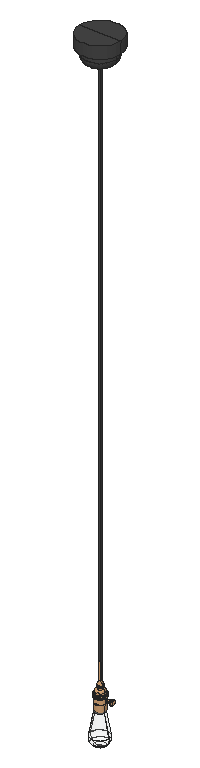
Revit family "SPO-KEY-ORB MB", category Lighting Fixtures, Revit 2020
Family settings
  Round Connector Dimension = Use Diameter
  Part Type = Normal
  OmniClass Number = 23.80.70.00
  OmniClass Title = Lighting
  Work Plane-Based = No
  Always vertical = Yes
  Cut with Voids When Loaded = No
  Light Source = Yes
  Shared = No
  Room Calculation Point = No
Parameters (values of type "SPO-KEY-ORB")
  Weight = "0.30 lbs"
  Wattage Comments = "60W Max"
  Wattage = 1.6 W
  Warranty = "5 year limited warranty"  # constant formula
  built-in parameter 1150110 = 1 (stored number, unit not read)
  Voltage = 277 V
  URL = "https://www.anplighting.com/assets/Uploads/product-attachments/specification-sheets/ANP-Specification-Sheet-SPO-KEY-ORB.pdf"
  built-in parameter 1114217 = 1 (stored number, unit not read)
  Tilt Angle = 90.00°
  built-in parameter 1150109 = 1 (stored number, unit not read)
  built-in parameter 1150134 = 12
  built-in parameter 1150113 = 1 (stored number, unit not read)
  SPO-KEY-ORB = yes
  Ring = RING
  Mounting Option [instance] = 1
  Power Factor = 1
  Post Mount [instance] = Mounting Option = 5  # no
  Placement X axis side [instance] = if(Post Mount, 2' 2 15/32", if(Cord or Stem Mount, 0' 0", if(E36 20 inch, 1' 8 1/4", if(E 6 26 inch, 2' 2", if(E7 41 inch, 3' 5 1/4", 0' 1")))))  # 0' - 0"
  Photometric Web File = "generic.ies"
  Model = "SPO-KEY-ORB"
  Manufacturer = "ANP Lighting"  # constant formula
  built-in parameter 1150105 = 2000 (stored number, unit not read)
  Lumens = 2000 lm
  built-in parameter 1150115 = 1 (stored number, unit not read)
  Load Classification = Lighting
  Light Source Height [instance] = 0' - 6 205/256"
  built-in parameter 1150137 = (empty or 0)
  built-in parameter 1150139 = (empty or 0)
  Light Elevation _2 [instance] = if(Post Mount, 0' 0.66142", if(E7 41 inch, 0' 0.66142", if(E36 20 inch, 0' 1.65748", if(E 6 26 inch, 0' 1.53543", if(Cord or Stem Mount, (0' 4.3622" + Cord Length), 0' 0")))))  # 6' - 4.3622"
  Light Elevation _1 [instance] = if(Post Mount, 0' 0", if(E7 41 inch, 0' 0", if(E36 20 inch, 0' 1", if(E 6 26 inch, 0' 0.87402", if(Cord or Stem Mount, (0' 3.66142" + Cord Length), 0' 0")))))  # 6' - 3.66142"
  Light Elevation [instance] = if(Post Mount, 14' 0.5315", if(E7 41 inch, 0' 0", 0' 0"))  # 0' - 0"
  built-in parameter 1150112 = 1 (stored number, unit not read)
  built-in parameter 1150114 = 1 (stored number, unit not read)
  Lamp = "MED-BASE"
  built-in parameter 1150132 = 2
  built-in parameter 1150102 = (empty or 0)
  built-in parameter 1150107 = 4000 (stored number, unit not read)
  built-in parameter 1150138 = (empty or 0)
  built-in parameter 1150106 = 20 (stored number, unit not read)
  GLASS = Glass
  Fixture Height = 0' - 3 1/2"
  Fixture Diameter = 0' - 1 1/2"
  built-in parameter 1150104 = 116.13 (stored number, unit not read)
  E7 41 inch [instance] = Mounting Option = 4  # no
  E36 20 inch [instance] = Mounting Option = 3  # no
  E 6 26 inch [instance] = Mounting Option = 2  # no
  Dimming Lamp Color Temperature Shift = <None>
  Description = "120-277 Voltage"  # constant formula
  Default Elevation = 0' - 0"
  Cord or Stem Mount [instance] = Mounting Option = 1  # yes
  Cord Length option [instance] = 0
  Cord Length [instance] = if([2' Cord], 2' 0", if([4' Cord], 4' 0", if([8' Cord], 8' 0", if([10' Cord], 10' 0", if([6' Cord], 6' 0", 6' 0")))))  # 6' - 0"
  Construction Material = "Heavy Duty spun aluminum."  # constant formula
  Color Filter = 16777215
  Body Material = body
  Body Colour = "Spun aluminium"  # constant formula
  built-in parameter 1114218 = 1 (stored number, unit not read)
  built-in parameter 1150133 = 10 (stored number, unit not read)
  Apparent Load = 60 VA
  8' Cord [instance] = Cord Length option = 8  # no
  6' Cord [instance] = Cord Length option = 6  # no
  4' Cord [instance] = Cord Length option = 4  # no
  2' Cord [instance] = Cord Length option = 2  # no
  10' Cord [instance] = Cord Length option = 10  # no
Reference planes (in)
  plane 1 "Light Source Axis (F/B)": y = 0
  plane 2: z = 0
  plane 3 "Light Source Axis (L/R)": x = 0
  plane 4 "Light Source Elevation": z = 0
  plane 5: z = 0
  plane 6: x = 0
  plane 7 "Bulb Position": z = -76.3622
  plane 8 "Canopy Position": z = -75.66142
  plane 9 "IES": z = -83.16299
Dimensions and locks (in)
  "Light Elevation": plane 5 to plane 2
  "Placement X axis side": plane 6 to plane 3 "Light Source Axis (L/R)"
  "Light Elevation _2": plane 5 to plane 7 "Bulb Position"
  "Light Elevation _1": plane 5 to plane 8 "Canopy Position"
  "Light Source Height": plane 7 "Bulb Position" to plane 9 "IES"
  locked: plane 4 "Light Source Elevation" to plane 2
  aligned and locked: level to plane 2
  aligned and locked: plane 1 "Light Source Axis (F/B)" to nested 5
  aligned and locked: nested 5 to plane 2
  aligned and locked: nested 1 to plane 3 "Light Source Axis (L/R)"
  aligned and locked: plane 3 "Light Source Axis (L/R)" to nested 2
  aligned and locked: plane 3 "Light Source Axis (L/R)" to nested 4
  aligned and locked: nested 3 to plane 5
  aligned and locked: plane 3 "Light Source Axis (L/R)" to nested 3
  aligned and locked: plane 3 "Light Source Axis (L/R)" to nested 5
  aligned and locked: plane 1 "Light Source Axis (F/B)" to nested 2
  aligned and locked: plane 1 "Light Source Axis (F/B)" to nested 1
  aligned and locked: plane 1 "Light Source Axis (F/B)" to nested 4
  aligned and locked: plane 1 "Light Source Axis (F/B)" to nested 3
  aligned and locked: plane 2 to nested 1
  aligned and locked: plane 2 to nested 2
  aligned and locked: nested 4 to plane 2
  aligned and locked: imposter light to plane 9 "IES"
  aligned and locked: imposter light to plane 6
  aligned and locked: nested 6 to plane 6
  aligned and locked: nested 6 to plane 8 "Canopy Position"
Nested families (in)
  nested 1: "CORD OR STEM MOUNT" at (0, 0, -75.67), visible <- "Cord or Stem Mount", Cord or Stem Mount <- "Cord or Stem Mount", Body Material <- "Body Material", Light Elevation <- "Light Elevation", Cord Length <- "Cord Length", 10' Cord <- "10' Cord", 2' Cord <- "2' Cord", 4' Cord <- "4' Cord", 6' Cord <- "6' Cord", 8' Cord <- "8' Cord", type "CORD OR STEM MOUNT"
    with Light Elevation 0' - 0", Cord or Stem Mount yes, Cord Length 6' - 0", Body Material body, 8' Cord no, 6' Cord no, 4' Cord no, 2' Cord no, 10' Cord no
  nested 2: "E6 26 INCH" at (0, 0, 0), visible <- "E 6 26 inch", Chain Length <- "Cord Length", E 6 26 inch <- "E 6 26 inch", Placement X axis side <- "Placement X axis side", Body Material <- "Body Material", Light Elevation <- "Light Elevation", type "E6 26 INCH"
    with Placement X axis side 0' - 0", Light Elevation 0' - 0", E 6 26 inch no, Chain Length 6' - 0", Body Material body
  nested 3: "E7 41 INCH" at (0, 0, 0), Chain Length <- "Cord Length", visible <- "E7 41 inch", E7 41 inch <- "E7 41 inch", Placement X axis side <- "Placement X axis side", Body Material <- "Body Material", Light Elevation <- "Light Elevation", type "E7 41 INCH"
    with Placement X axis side 0' - 0", Light Elevation 0' - 0", E7 41 inch no, Chain Length 6' - 0", Body Material body
  nested 4: "E36 20 INCH" at (0, 0, 0), visible <- "E36 20 inch", E36 20 inch <- "E36 20 inch", Placement X axis side <- "Placement X axis side", Chain Length <- "Cord Length", Body Material <- "Body Material", Light Elevation <- "Light Elevation", type "E36 20 INCH"
    with Placement X axis side 0' - 0", Light Elevation 0' - 0", E36 20 inch no, Chain Length 6' - 0", Body Material body
  nested 5: "POST MOUNT" at (0, 0, 0), visible <- "Post Mount", Post Mount <- "Post Mount", Placement X axis side <- "Placement X axis side", Chain Length <- "Cord Length", Body Material <- "Body Material", Light Elevation <- "Light Elevation", type "POST MOUNT"
    with Post Mount no, Placement X axis side 0' - 0", Light Elevation 0' - 0", Chain Length 6' - 0", Body Material body
  nested 6: "SPO-KEY-AB" at (0, 0, -75.66142), Light Elevation <- "Light Elevation", Body <- "Ring", SPO-KEY-AB <- "SPO-KEY-ORB", visible <- "SPO-KEY-ORB", type "SPO-KEY-AB"
    with Light Elevation 0' - 0", Body RING
Definition of nested family "CORD OR STEM MOUNT"
  Parameters (values of type "CORD OR STEM MOUNT")
    URL = ""
    Model = ""
    Manufacturer = ""
    Light Elevation [instance] = 1' - 7.69"
    Default Elevation = 0' - 0"
    Cord or Stem Mount [instance] = yes
    Cord Length [instance] = 6' - 0"
    Body Material [instance] = none
    8' Cord [instance] = no
    6' Cord [instance] = no
    4' Cord [instance] = no
    2' Cord [instance] = no
    10' Cord [instance] = no
  Reference planes (in)
    plane 1 "Light Source Axis (F/B)": y = 0
    plane 2: z = 0
    plane 3 "Light Source Axis (L/R)": x = 0
    plane 4 "Light Source Elevation": z = 23.125
    plane 5: z = 91.69
    plane 6: z = 19.69
  Forms (in)
    Extrusion 1, void, not visible
      sketch origin (0, 0, 2.38154) x (1, 0, 0) y (0, 0, 1)
        loop
          circle (0, 4.59925) r 0.16583
      from 1.18594 to 1.75
    Extrusion 2, void, not visible
      sketch origin (0, 0, 2.38154) x (0.707107, -0.707107, 0) y (0, 0, 1)
        loop
          circle (0, 4.59925) r 0.16583
      from 1.18594 to 1.75
    Extrusion 3, void, not visible
      sketch origin (0, 0, 2.38154) x (0.707107, 0.707107, 0) y (0, 0, 1)
        loop
          circle (0, 4.59925) r 0.16583
      from 1.18594 to 1.75
    Extrusion 4, void, not visible
      sketch origin (0, 0, 2.38154) x (0, 1, 0) y (0, 0, 1)
        loop
          circle (0, 4.59925) r 0.16583
      from 1.18594 to 1.75
    Extrusion 5, void, not visible
      sketch origin (0, 0, 2.38154) x (-0.707107, 0.707107, 0) y (0, 0, 1)
        loop
          circle (0, 4.59925) r 0.16583
      from 1.18594 to 1.75
    Extrusion 6, void, not visible
      sketch origin (0, 0, 2.38154) x (-1, 0, 0) y (0, 0, 1)
        loop
          circle (0, 4.59925) r 0.20678
      from 1.18594 to 1.75
    Extrusion 7, void, not visible
      sketch origin (0, 0, 2.38154) x (-0.707107, -0.707107, 0) y (0, 0, 1)
        loop
          circle (0, 4.59925) r 0.16583
      from 1.18594 to 1.75
    Extrusion 8, void, not visible
      sketch origin (0, 0, 2.38154) x (0, -1, 0) y (0, 0, 1)
        loop
          circle (0, 4.59925) r 0.16583
      from 1.18594 to 1.75
    Revolve 9, solid, material <- "Body Material", visible <- "Cord or Stem Mount"
      sketch origin (0, 0, 174.56698) x (1, 0, 0) y (0, 0, 1)
        loop
          line (2.6875, -79.20698) -> (0, -79.20698) -> (0, -82.87698) -> (0.125, -82.87698) -> (0.125, -82.83698) -> (0.75, -82.83698)
          arc (0.75, -82.83698) -> (0.81694, -82.77004) -> (0.75, -82.7031) r 0.06694
          line (0.75, -82.7031) -> (0.89763, -82.7031) -> (1.00223, -82.5985) -> (1.06587, -82.5985)
          arc (1.06587, -82.5985) -> (1.80099, -82.29401) -> (2.10549, -81.55888) r 1.03962
          line (2.10549, -81.55888) -> (2.10549, -81.03899)
          arc (2.10549, -81.03899) -> (2.12951, -80.981) -> (2.1875, -80.95698) r 0.08201
          line (2.1875, -80.95698) -> (2.1875, -80.70698) -> (2.6875, -80.70698) -> (2.6875, -79.20698)
        axis (0, -79.20698) -> (0, -82.87698)
      angle from 0 to 360
    Revolve 10, solid, material <- "Body Material", visible <- "Cord or Stem Mount"
      sketch origin (0, 0, 0) x (1, 0, 0) y (0, 0, 1)
        loop
          line (0, 91.69) -> (-0.125, 91.69) -> (-0.125, 19.69) -> (0, 19.69) -> (0, 91.69)
        axis (0, 19.69) -> (0, 91.69)
      angle from 0 to 360
  Dimensions and locks (in)
    "Light Elevation": plane 6 to plane 2
    "Cord Length": plane 5 to plane 6
    locked: Revolve 10 sketch curve to Revolve 10 sketch curve at 0.125
    aligned and locked: level to plane 2
    aligned and locked: Revolve 10 sketch curve to plane 3 "Light Source Axis (L/R)"
    aligned and locked: Revolve 10 sketch curve to plane 6
    aligned and locked: Revolve 10 sketch curve to plane 5
    aligned and locked: plane 3 "Light Source Axis (L/R)" to Revolve 10 sketch curve
  Automatic sketch dimensions
    Revolve 9 sketch curve to plane 3 "Light Source Axis (L/R)" = 0' - 0"  (x2)
    Revolve 9 sketch curve to plane 5 = 0' - 0"
    plane 3 "Light Source Axis (L/R)" to Revolve 9 sketch curve = 0' - 0 1/8"
    Revolve 9 sketch curve to plane 5 = 0' - 0.17388"
    Revolve 9 sketch curve to Revolve 9 sketch curve = 0' - 0 5/8"
    Revolve 9 sketch curve to Revolve 9 sketch curve = 0' - 0.14763"
    Revolve 9 sketch curve to plane 5 = 0' - 0.27847"
    Revolve 9 sketch curve to Revolve 9 sketch curve = 0' - 0.1046"
    Revolve 9 sketch curve to Revolve 9 sketch curve = 0' - 0.06364"
    Revolve 9 sketch curve to Revolve 9 sketch curve = 0' - 1.03962"
    Revolve 9 sketch curve to Revolve 9 sketch curve = 0' - 0 21/256"
    Revolve 9 sketch curve to Revolve 9 sketch curve = 0' - 0 1/2"  (x2)
    Revolve 9 sketch curve to Revolve 9 sketch curve = 0' - 0.51989"
    Revolve 9 sketch curve to Revolve 9 sketch curve = 0' - 0 1/4"
    Revolve 9 sketch curve to Revolve 9 sketch curve = 0' - 2.3519"
    Revolve 9 sketch curve to Revolve 9 sketch curve = 0' - 1 1/4"
    Revolve 9 sketch curve to Revolve 9 sketch curve = 0' - 0.04"
    Revolve 10 sketch curve to Revolve 10 sketch curve = 0' - 0 1/2"
    Revolve 10 sketch curve to Revolve 10 sketch curve = 0' - 0.42345"
Definition of nested family "SPO-KEY-AB"
  Parameters (values of type "SPO-KEY-AB")
    SPO-KEY-AB [instance] = yes
    Light Elevation [instance] = 0' - 0"
    GLASS = none
    Default Elevation = 0' - 0"
    Body [instance] = none
  Reference planes (in)
    plane 1 "Center (Front/Back)": y = 0
    plane 2: z = 0
    plane 3 "Center (Left/Right)": x = 0
    plane 4: z = 0
  Dimensions and locks (in)
    "Light Elevation": plane 4 to plane 2
    locked: plane 4 to nested 2 at 3.5
    aligned and locked: plane 2 to level
    aligned and locked: plane 3 "Center (Left/Right)" to nested 1
    aligned and locked: plane 1 "Center (Front/Back)" to nested 1
    aligned and locked: plane 4 to nested 1
  Nested families (in)
    nested 1: "SPO-KEY-AB HOLDER" at (0, 0, -3.5), visible <- "SPO-KEY-AB", Body <- "Body", SPO-KEY-AB <- "SPO-KEY-AB", type "SPO-KEY-AB HOLDER"
    nested 2: "light" at (0, 0, -3.5), visible <- "SPO-KEY-AB", SPB <- "SPO-KEY-AB", Body <- "GLASS", type "light"
      with SPB yes, Body none
  Definition of nested family "SPO-KEY-AB HOLDER"
    Parameters (values of type "SPO-KEY-AB HOLDER")
      SPO-KEY-AB [instance] = yes
      Default Elevation = 0' - 0"
      Body [instance] = none
    Reference planes (in)
      plane 1 "Center (Front/Back)": y = 0
      plane 2: z = 0
      plane 3 "Center (Left/Right)": x = 0
      plane 4: z = 3.5
      plane 5: x = 0.75
      plane 6: x = -0.75
    Forms (in)
      Extrusion 1, solid, material <- "Body", visible <- "SPO-KEY-AB"
        sketch origin (0, 0, 0) x (1, 0, 0) y (0, 1, 0)
          loop
            circle (0, 0) r 0.1524
        from 3.5 to 5.76727
      Revolve 2, solid, material <- "Body", visible <- "SPO-KEY-AB"
        sketch origin (0, 0, 0) x (1, 0, 0) y (0, 0, 1)
          loop
            line (-0.18061, 3.5) -> (-0.32164, 2.93434) -> (-0.32164, 2.74115) -> (-0.25926, 2.74115) -> (-0.25926, 2.49115) -> (-0.31433, 2.42552)
            arc (-0.31433, 2.42552) -> (-0.49114, 2.37605) -> (-0.56812, 2.20938) r 0.21893
            line (-0.56812, 2.20938) -> (-0.56812, 2.00272) -> (-0.75, 2.00272) -> (-0.75, 1.61565) -> (-0.68925, 1.61565) -> (-0.68925, 0.93656) -> (-0.62575, 0.87307) -> (-0.62575, 0) -> (0, 0) -> (0, 3.5) -> (-0.18061, 3.5)
          axis (0, 0) -> (0, 3.5)
        angle from 0 to 360
      Revolve 3, solid, material <- "Body", visible <- "SPO-KEY-AB"
        sketch origin (0, 0, 0) x (1, 0, 0) y (0, 0, 1)
          loop
            line (0.68856, 1.41798) -> (0.68856, 1.37371) -> (1.6389, 1.37371) -> (1.6389, 1.68796) -> (1.50148, 1.68796)
            arc (1.50148, 1.68796) -> (1.35915, 1.49979) -> (1.13142, 1.43813) r 0.36469
            line (1.13142, 1.43813) -> (1.13142, 1.47522)
            arc (1.13142, 1.47522) -> (1.09261, 1.49665) -> (1.06433, 1.4625) r 0.03475
            arc (1.06433, 1.4625) -> (0.99951, 1.47299) -> (0.94815, 1.5139) r 0.12959
            line (0.94815, 1.5139) -> (0.81784, 1.5139) -> (0.81784, 1.41798) -> (0.68856, 1.41798)
          axis (0.68856, 1.37371) -> (1.6389, 1.37371)
        angle from 0 to 360
      Extrusion 4, solid, material <- "Body", visible <- "SPO-KEY-AB"
        sketch origin (0.01979, 0.02398, 0) x (1, 0, 0) y (0, 1, 0)
          loop
            line (0.44965, 0.52237) -> (0.48225, 0.49432) -> (0.51145, 0.52351) -> (0.47877, 0.55619) -> (0.44965, 0.52237)
        from 1.87225 to 1.98153
      Extrusion 5, solid, material <- "Body", visible <- "SPO-KEY-AB"
        sketch origin (0.02205, 0.02193, 0) x (0.995192, -0.097945, 0) y (0.097945, 0.995192, 0)
          loop
            line (0.44965, 0.52237) -> (0.48225, 0.49432) -> (0.51145, 0.52351) -> (0.47877, 0.55619) -> (0.44965, 0.52237)
        from 1.87225 to 1.98153
      Extrusion 6, solid, material <- "Body", visible <- "SPO-KEY-AB"
        sketch origin (0.02409, 0.01967, 0) x (0.980813, -0.194949, 0) y (0.194949, 0.980813, 0)
          loop
            line (0.44965, 0.52237) -> (0.48225, 0.49432) -> (0.51145, 0.52351) -> (0.47877, 0.55619) -> (0.44965, 0.52237)
        from 1.87225 to 1.98153
      Extrusion 7, solid, material <- "Body", visible <- "SPO-KEY-AB"
        sketch origin (0.0259, 0.01721, 0) x (0.957003, -0.290078, 0) y (0.290078, 0.957003, 0)
          loop
            line (0.44965, 0.52237) -> (0.48225, 0.49432) -> (0.51145, 0.52351) -> (0.47877, 0.55619) -> (0.44965, 0.52237)
        from 1.87225 to 1.98153
      Extrusion 8, solid, material <- "Body", visible <- "SPO-KEY-AB"
        sketch origin (0.02746, 0.01459, 0) x (0.92399, -0.382417, 0) y (0.382417, 0.92399, 0)
          loop
            line (0.44965, 0.52237) -> (0.48225, 0.49432) -> (0.51145, 0.52351) -> (0.47877, 0.55619) -> (0.44965, 0.52237)
        from 1.87225 to 1.98153
      Extrusion 9, solid, material <- "Body", visible <- "SPO-KEY-AB"
        sketch origin (0.02876, 0.01183, 0) x (0.882091, -0.471078, 0) y (0.471078, 0.882091, 0)
          loop
            line (0.44965, 0.52237) -> (0.48225, 0.49432) -> (0.51145, 0.52351) -> (0.47877, 0.55619) -> (0.44965, 0.52237)
        from 1.87225 to 1.98153
      Extrusion 10, solid, material <- "Body", visible <- "SPO-KEY-AB"
        sketch origin (0.02978, 0.00896, 0) x (0.83171, -0.55521, 0) y (0.55521, 0.83171, 0)
          loop
            line (0.44965, 0.52237) -> (0.48225, 0.49432) -> (0.51145, 0.52351) -> (0.47877, 0.55619) -> (0.44965, 0.52237)
        from 1.87225 to 1.98153
      Extrusion 11, solid, material <- "Body", visible <- "SPO-KEY-AB"
        sketch origin (0.03051, 0.006, 0) x (0.773331, -0.634003, 0) y (0.634003, 0.773331, 0)
          loop
            line (0.44965, 0.52237) -> (0.48225, 0.49432) -> (0.51145, 0.52351) -> (0.47877, 0.55619) -> (0.44965, 0.52237)
        from 1.87225 to 1.98153
      Extrusion 12, solid, material <- "Body", visible <- "SPO-KEY-AB"
        sketch origin (0.03095, 0.00298, 0) x (0.707515, -0.706698, 0) y (0.706698, 0.707515, 0)
          loop
            line (0.44965, 0.52237) -> (0.48225, 0.49432) -> (0.51145, 0.52351) -> (0.47877, 0.55619) -> (0.44965, 0.52237)
        from 1.87225 to 1.98153
      Extrusion 13, solid, material <- "Body", visible <- "SPO-KEY-AB"
        sketch origin (0.0311, -0.00007, 0) x (0.634895, -0.772598, 0) y (0.772598, 0.634895, 0)
          loop
            line (0.44965, 0.52237) -> (0.48225, 0.49432) -> (0.51145, 0.52351) -> (0.47877, 0.55619) -> (0.44965, 0.52237)
        from 1.87225 to 1.98153
      Extrusion 14, solid, material <- "Body", visible <- "SPO-KEY-AB"
        sketch origin (0.03094, -0.00311, 0) x (0.55617, -0.831068, 0) y (0.831068, 0.55617, 0)
          loop
            line (0.44965, 0.52237) -> (0.48225, 0.49432) -> (0.51145, 0.52351) -> (0.47877, 0.55619) -> (0.44965, 0.52237)
        from 1.87225 to 1.98153
      Extrusion 15, solid, material <- "Body", visible <- "SPO-KEY-AB"
        sketch origin (0.03049, -0.00613, 0) x (0.472097, -0.881547, 0) y (0.881547, 0.472097, 0)
          loop
            line (0.44965, 0.52237) -> (0.48225, 0.49432) -> (0.51145, 0.52351) -> (0.47877, 0.55619) -> (0.44965, 0.52237)
        from 1.87225 to 1.98153
      Extrusion 16, solid, material <- "Body", visible <- "SPO-KEY-AB"
        sketch origin (0.02974, -0.00908, 0) x (0.383483, -0.923548, 0) y (0.923548, 0.383483, 0)
          loop
            line (0.44965, 0.52237) -> (0.48225, 0.49432) -> (0.51145, 0.52351) -> (0.47877, 0.55619) -> (0.44965, 0.52237)
        from 1.87225 to 1.98153
      Extrusion 17, solid, material <- "Body", visible <- "SPO-KEY-AB"
        sketch origin (0.02871, -0.01195, 0) x (0.291182, -0.956668, 0) y (0.956668, 0.291182, 0)
          loop
            line (0.44965, 0.52237) -> (0.48225, 0.49432) -> (0.51145, 0.52351) -> (0.47877, 0.55619) -> (0.44965, 0.52237)
        from 1.87225 to 1.98153
      Extrusion 18, solid, material <- "Body", visible <- "SPO-KEY-AB"
        sketch origin (0.0274, -0.01471, 0) x (0.196081, -0.980588, 0) y (0.980588, 0.196081, 0)
          loop
            line (0.44965, 0.52237) -> (0.48225, 0.49432) -> (0.51145, 0.52351) -> (0.47877, 0.55619) -> (0.44965, 0.52237)
        from 1.87225 to 1.98153
      Extrusion 19, solid, material <- "Body", visible <- "SPO-KEY-AB"
        sketch origin (0.02583, -0.01732, 0) x (0.099094, -0.995078, 0) y (0.995078, 0.099094, 0)
          loop
            line (0.44965, 0.52237) -> (0.48225, 0.49432) -> (0.51145, 0.52351) -> (0.47877, 0.55619) -> (0.44965, 0.52237)
        from 1.87225 to 1.98153
      Extrusion 20, solid, material <- "Body", visible <- "SPO-KEY-AB"
        sketch origin (0.02401, -0.01977, 0) x (0.001155, -0.999999, 0) y (0.999999, 0.001155, 0)
          loop
            line (0.44965, 0.52237) -> (0.48225, 0.49432) -> (0.51145, 0.52351) -> (0.47877, 0.55619) -> (0.44965, 0.52237)
        from 1.87225 to 1.98153
      Extrusion 21, solid, material <- "Body", visible <- "SPO-KEY-AB"
        sketch origin (0.02196, -0.02202, 0) x (-0.096796, -0.995304, 0) y (0.995304, -0.096796, 0)
          loop
            line (0.44965, 0.52237) -> (0.48225, 0.49432) -> (0.51145, 0.52351) -> (0.47877, 0.55619) -> (0.44965, 0.52237)
        from 1.87225 to 1.98153
      Extrusion 22, solid, material <- "Body", visible <- "SPO-KEY-AB"
        sketch origin (0.01969, -0.02407, 0) x (-0.193816, -0.981038, 0) y (0.981038, -0.193816, 0)
          loop
            line (0.44965, 0.52237) -> (0.48225, 0.49432) -> (0.51145, 0.52351) -> (0.47877, 0.55619) -> (0.44965, 0.52237)
        from 1.87225 to 1.98153
      Extrusion 23, solid, material <- "Body", visible <- "SPO-KEY-AB"
        sketch origin (0.01724, -0.02588, 0) x (-0.288972, -0.957337, 0) y (0.957337, -0.288972, 0)
          loop
            line (0.44965, 0.52237) -> (0.48225, 0.49432) -> (0.51145, 0.52351) -> (0.47877, 0.55619) -> (0.44965, 0.52237)
        from 1.87225 to 1.98153
      Extrusion 24, solid, material <- "Body", visible <- "SPO-KEY-AB"
        sketch origin (0.01462, -0.02744, 0) x (-0.38135, -0.924431, 0) y (0.924431, -0.38135, 0)
          loop
            line (0.44965, 0.52237) -> (0.48225, 0.49432) -> (0.51145, 0.52351) -> (0.47877, 0.55619) -> (0.44965, 0.52237)
        from 1.87225 to 1.98153
      Extrusion 25, solid, material <- "Body", visible <- "SPO-KEY-AB"
        sketch origin (0.01186, -0.02874, 0) x (-0.47006, -0.882635, 0) y (0.882635, -0.47006, 0)
          loop
            line (0.44965, 0.52237) -> (0.48225, 0.49432) -> (0.51145, 0.52351) -> (0.47877, 0.55619) -> (0.44965, 0.52237)
        from 1.87225 to 1.98153
      Extrusion 26, solid, material <- "Body", visible <- "SPO-KEY-AB"
        sketch origin (0.00899, -0.02977, 0) x (-0.554249, -0.832351, 0) y (0.832351, -0.554249, 0)
          loop
            line (0.44965, 0.52237) -> (0.48225, 0.49432) -> (0.51145, 0.52351) -> (0.47877, 0.55619) -> (0.44965, 0.52237)
        from 1.87225 to 1.98153
      Extrusion 27, solid, material <- "Body", visible <- "SPO-KEY-AB"
        sketch origin (0.00603, -0.03051, 0) x (-0.633109, -0.774062, 0) y (0.774062, -0.633109, 0)
          loop
            line (0.44965, 0.52237) -> (0.48225, 0.49432) -> (0.51145, 0.52351) -> (0.47877, 0.55619) -> (0.44965, 0.52237)
        from 1.87225 to 1.98153
      Extrusion 28, solid, material <- "Body", visible <- "SPO-KEY-AB"
        sketch origin (0.00302, -0.03095, 0) x (-0.705881, -0.70833, 0) y (0.70833, -0.705881, 0)
          loop
            line (0.44965, 0.52237) -> (0.48225, 0.49432) -> (0.51145, 0.52351) -> (0.47877, 0.55619) -> (0.44965, 0.52237)
        from 1.87225 to 1.98153
      Extrusion 29, solid, material <- "Body", visible <- "SPO-KEY-AB"
        sketch origin (-0.00003, -0.0311, 0) x (-0.771865, -0.635787, 0) y (0.635787, -0.771865, 0)
          loop
            line (0.44965, 0.52237) -> (0.48225, 0.49432) -> (0.51145, 0.52351) -> (0.47877, 0.55619) -> (0.44965, 0.52237)
        from 1.87225 to 1.98153
      Extrusion 30, solid, material <- "Body", visible <- "SPO-KEY-AB"
        sketch origin (-0.00308, -0.03094, 0) x (-0.830426, -0.557129, 0) y (0.557129, -0.830426, 0)
          loop
            line (0.44965, 0.52237) -> (0.48225, 0.49432) -> (0.51145, 0.52351) -> (0.47877, 0.55619) -> (0.44965, 0.52237)
        from 1.87225 to 1.98153
      Extrusion 31, solid, material <- "Body", visible <- "SPO-KEY-AB"
        sketch origin (-0.00609, -0.03049, 0) x (-0.881001, -0.473114, 0) y (0.473114, -0.881001, 0)
          loop
            line (0.44965, 0.52237) -> (0.48225, 0.49432) -> (0.51145, 0.52351) -> (0.47877, 0.55619) -> (0.44965, 0.52237)
        from 1.87225 to 1.98153
      Extrusion 32, solid, material <- "Body", visible <- "SPO-KEY-AB"
        sketch origin (-0.00905, -0.02975, 0) x (-0.923104, -0.384549, 0) y (0.384549, -0.923104, 0)
          loop
            line (0.44965, 0.52237) -> (0.48225, 0.49432) -> (0.51145, 0.52351) -> (0.47877, 0.55619) -> (0.44965, 0.52237)
        from 1.87225 to 1.98153
      Extrusion 33, solid, material <- "Body", visible <- "SPO-KEY-AB"
        sketch origin (-0.01192, -0.02872, 0) x (-0.956331, -0.292287, 0) y (0.292287, -0.956331, 0)
          loop
            line (0.44965, 0.52237) -> (0.48225, 0.49432) -> (0.51145, 0.52351) -> (0.47877, 0.55619) -> (0.44965, 0.52237)
        from 1.87225 to 1.98153
      Extrusion 34, solid, material <- "Body", visible <- "SPO-KEY-AB"
        sketch origin (-0.01468, -0.02742, 0) x (-0.980361, -0.197213, 0) y (0.197213, -0.980361, 0)
          loop
            line (0.44965, 0.52237) -> (0.48225, 0.49432) -> (0.51145, 0.52351) -> (0.47877, 0.55619) -> (0.44965, 0.52237)
        from 1.87225 to 1.98153
      Extrusion 35, solid, material <- "Body", visible <- "SPO-KEY-AB"
        sketch origin (-0.01729, -0.02585, 0) x (-0.994963, -0.100243, 0) y (0.100243, -0.994963, 0)
          loop
            line (0.44965, 0.52237) -> (0.48225, 0.49432) -> (0.51145, 0.52351) -> (0.47877, 0.55619) -> (0.44965, 0.52237)
        from 1.87225 to 1.98153
      Extrusion 36, solid, material <- "Body", visible <- "SPO-KEY-AB"
        sketch origin (-0.01974, -0.02403, 0) x (-0.999997, -0.002309, 0) y (0.002309, -0.999997, 0)
          loop
            line (0.44965, 0.52237) -> (0.48225, 0.49432) -> (0.51145, 0.52351) -> (0.47877, 0.55619) -> (0.44965, 0.52237)
        from 1.87225 to 1.98153
      Extrusion 37, solid, material <- "Body", visible <- "SPO-KEY-AB"
        sketch origin (-0.022, -0.02198, 0) x (-0.995415, 0.095647, 0) y (-0.095647, -0.995415, 0)
          loop
            line (0.44965, 0.52237) -> (0.48225, 0.49432) -> (0.51145, 0.52351) -> (0.47877, 0.55619) -> (0.44965, 0.52237)
        from 1.87225 to 1.98153
      Extrusion 38, solid, material <- "Body", visible <- "SPO-KEY-AB"
        sketch origin (-0.02404, -0.01972, 0) x (-0.981261, 0.192683, 0) y (-0.192683, -0.981261, 0)
          loop
            line (0.44965, 0.52237) -> (0.48225, 0.49432) -> (0.51145, 0.52351) -> (0.47877, 0.55619) -> (0.44965, 0.52237)
        from 1.87225 to 1.98153
      Extrusion 39, solid, material <- "Body", visible <- "SPO-KEY-AB"
        sketch origin (-0.02586, -0.01727, 0) x (-0.95767, 0.287867, 0) y (-0.287867, -0.95767, 0)
          loop
            line (0.44965, 0.52237) -> (0.48225, 0.49432) -> (0.51145, 0.52351) -> (0.47877, 0.55619) -> (0.44965, 0.52237)
        from 1.87225 to 1.98153
      Extrusion 40, solid, material <- "Body", visible <- "SPO-KEY-AB"
        sketch origin (-0.02743, -0.01465, 0) x (-0.924871, 0.380282, 0) y (-0.380282, -0.924871, 0)
          loop
            line (0.44965, 0.52237) -> (0.48225, 0.49432) -> (0.51145, 0.52351) -> (0.47877, 0.55619) -> (0.44965, 0.52237)
        from 1.87225 to 1.98153
      Extrusion 41, solid, material <- "Body", visible <- "SPO-KEY-AB"
        sketch origin (-0.02873, -0.0119, 0) x (-0.883177, 0.46904, 0) y (-0.46904, -0.883177, 0)
          loop
            line (0.44965, 0.52237) -> (0.48225, 0.49432) -> (0.51145, 0.52351) -> (0.47877, 0.55619) -> (0.44965, 0.52237)
        from 1.87225 to 1.98153
      Extrusion 42, solid, material <- "Body", visible <- "SPO-KEY-AB"
        sketch origin (-0.02976, -0.00903, 0) x (-0.83299, 0.553288, 0) y (-0.553288, -0.83299, 0)
          loop
            line (0.44965, 0.52237) -> (0.48225, 0.49432) -> (0.51145, 0.52351) -> (0.47877, 0.55619) -> (0.44965, 0.52237)
        from 1.87225 to 1.98153
      Extrusion 43, solid, material <- "Body", visible <- "SPO-KEY-AB"
        sketch origin (-0.0305, -0.00607, 0) x (-0.774793, 0.632215, 0) y (-0.632215, -0.774793, 0)
          loop
            line (0.44965, 0.52237) -> (0.48225, 0.49432) -> (0.51145, 0.52351) -> (0.47877, 0.55619) -> (0.44965, 0.52237)
        from 1.87225 to 1.98153
      Extrusion 44, solid, material <- "Body", visible <- "SPO-KEY-AB"
        sketch origin (-0.03095, -0.00305, 0) x (-0.709145, 0.705063, 0) y (-0.705063, -0.709145, 0)
          loop
            line (0.44965, 0.52237) -> (0.48225, 0.49432) -> (0.51145, 0.52351) -> (0.47877, 0.55619) -> (0.44965, 0.52237)
        from 1.87225 to 1.98153
      Extrusion 45, solid, material <- "Body", visible <- "SPO-KEY-AB"
        sketch origin (-0.0311, -0.00001, 0) x (-0.636678, 0.77113, 0) y (-0.77113, -0.636678, 0)
          loop
            line (0.44965, 0.52237) -> (0.48225, 0.49432) -> (0.51145, 0.52351) -> (0.47877, 0.55619) -> (0.44965, 0.52237)
        from 1.87225 to 1.98153
      Extrusion 46, solid, material <- "Body", visible <- "SPO-KEY-AB"
        sketch origin (-0.03095, 0.00304, 0) x (-0.558088, 0.829782, 0) y (-0.829782, -0.558088, 0)
          loop
            line (0.44965, 0.52237) -> (0.48225, 0.49432) -> (0.51145, 0.52351) -> (0.47877, 0.55619) -> (0.44965, 0.52237)
        from 1.87225 to 1.98153
      Extrusion 47, solid, material <- "Body", visible <- "SPO-KEY-AB"
        sketch origin (-0.0305, 0.00606, 0) x (-0.474131, 0.880454, 0) y (-0.880454, -0.474131, 0)
          loop
            line (0.44965, 0.52237) -> (0.48225, 0.49432) -> (0.51145, 0.52351) -> (0.47877, 0.55619) -> (0.44965, 0.52237)
        from 1.87225 to 1.98153
      Extrusion 48, solid, material <- "Body", visible <- "SPO-KEY-AB"
        sketch origin (-0.02976, 0.00901, 0) x (-0.385615, 0.92266, 0) y (-0.92266, -0.385615, 0)
          loop
            line (0.44965, 0.52237) -> (0.48225, 0.49432) -> (0.51145, 0.52351) -> (0.47877, 0.55619) -> (0.44965, 0.52237)
        from 1.87225 to 1.98153
      Extrusion 49, solid, material <- "Body", visible <- "SPO-KEY-AB"
        sketch origin (-0.02874, 0.01189, 0) x (-0.293391, 0.955993, 0) y (-0.955993, -0.293391, 0)
          loop
            line (0.44965, 0.52237) -> (0.48225, 0.49432) -> (0.51145, 0.52351) -> (0.47877, 0.55619) -> (0.44965, 0.52237)
        from 1.87225 to 1.98153
      Extrusion 50, solid, material <- "Body", visible <- "SPO-KEY-AB"
        sketch origin (-0.02743, 0.01464, 0) x (-0.198345, 0.980132, 0) y (-0.980132, -0.198345, 0)
          loop
            line (0.44965, 0.52237) -> (0.48225, 0.49432) -> (0.51145, 0.52351) -> (0.47877, 0.55619) -> (0.44965, 0.52237)
        from 1.87225 to 1.98153
      Extrusion 51, solid, material <- "Body", visible <- "SPO-KEY-AB"
        sketch origin (-0.02587, 0.01726, 0) x (-0.101392, 0.994847, 0) y (-0.994847, -0.101392, 0)
          loop
            line (0.44965, 0.52237) -> (0.48225, 0.49432) -> (0.51145, 0.52351) -> (0.47877, 0.55619) -> (0.44965, 0.52237)
        from 1.87225 to 1.98153
      Extrusion 52, solid, material <- "Body", visible <- "SPO-KEY-AB"
        sketch origin (-0.02405, 0.01971, 0) x (-0.003464, 0.999994, 0) y (-0.999994, -0.003464, 0)
          loop
            line (0.44965, 0.52237) -> (0.48225, 0.49432) -> (0.51145, 0.52351) -> (0.47877, 0.55619) -> (0.44965, 0.52237)
        from 1.87225 to 1.98153
      Extrusion 53, solid, material <- "Body", visible <- "SPO-KEY-AB"
        sketch origin (-0.02201, 0.02197, 0) x (0.094498, 0.995525, 0) y (-0.995525, 0.094498, 0)
          loop
            line (0.44965, 0.52237) -> (0.48225, 0.49432) -> (0.51145, 0.52351) -> (0.47877, 0.55619) -> (0.44965, 0.52237)
        from 1.87225 to 1.98153
      Extrusion 54, solid, material <- "Body", visible <- "SPO-KEY-AB"
        sketch origin (-0.01975, 0.02402, 0) x (0.19155, 0.981483, 0) y (-0.981483, 0.19155, 0)
          loop
            line (0.44965, 0.52237) -> (0.48225, 0.49432) -> (0.51145, 0.52351) -> (0.47877, 0.55619) -> (0.44965, 0.52237)
        from 1.87225 to 1.98153
      Extrusion 55, solid, material <- "Body", visible <- "SPO-KEY-AB"
        sketch origin (-0.0173, 0.02584, 0) x (0.286761, 0.958002, 0) y (-0.958002, 0.286761, 0)
          loop
            line (0.44965, 0.52237) -> (0.48225, 0.49432) -> (0.51145, 0.52351) -> (0.47877, 0.55619) -> (0.44965, 0.52237)
        from 1.87225 to 1.98153
      Extrusion 56, solid, material <- "Body", visible <- "SPO-KEY-AB"
        sketch origin (-0.01469, 0.02741, 0) x (0.379214, 0.925309, 0) y (-0.925309, 0.379214, 0)
          loop
            line (0.44965, 0.52237) -> (0.48225, 0.49432) -> (0.51145, 0.52351) -> (0.47877, 0.55619) -> (0.44965, 0.52237)
        from 1.87225 to 1.98153
      Extrusion 57, solid, material <- "Body", visible <- "SPO-KEY-AB"
        sketch origin (-0.01193, 0.02872, 0) x (0.46802, 0.883718, 0) y (-0.883718, 0.46802, 0)
          loop
            line (0.44965, 0.52237) -> (0.48225, 0.49432) -> (0.51145, 0.52351) -> (0.47877, 0.55619) -> (0.44965, 0.52237)
        from 1.87225 to 1.98153
      Extrusion 58, solid, material <- "Body", visible <- "SPO-KEY-AB"
        sketch origin (-0.00906, 0.02975, 0) x (0.552326, 0.833628, 0) y (-0.833628, 0.552326, 0)
          loop
            line (0.44965, 0.52237) -> (0.48225, 0.49432) -> (0.51145, 0.52351) -> (0.47877, 0.55619) -> (0.44965, 0.52237)
        from 1.87225 to 1.98153
      Extrusion 59, solid, material <- "Body", visible <- "SPO-KEY-AB"
        sketch origin (-0.0061, 0.03049, 0) x (0.63132, 0.775522, 0) y (-0.775522, 0.63132, 0)
          loop
            line (0.44965, 0.52237) -> (0.48225, 0.49432) -> (0.51145, 0.52351) -> (0.47877, 0.55619) -> (0.44965, 0.52237)
        from 1.87225 to 1.98153
      Extrusion 60, solid, material <- "Body", visible <- "SPO-KEY-AB"
        sketch origin (-0.00309, 0.03094, 0) x (0.704243, 0.709959, 0) y (-0.709959, 0.704243, 0)
          loop
            line (0.44965, 0.52237) -> (0.48225, 0.49432) -> (0.51145, 0.52351) -> (0.47877, 0.55619) -> (0.44965, 0.52237)
        from 1.87225 to 1.98153
      Extrusion 61, solid, material <- "Body", visible <- "SPO-KEY-AB"
        sketch origin (-0.00004, 0.0311, 0) x (0.770394, 0.637568, 0) y (-0.637568, 0.770394, 0)
          loop
            line (0.44965, 0.52237) -> (0.48225, 0.49432) -> (0.51145, 0.52351) -> (0.47877, 0.55619) -> (0.44965, 0.52237)
        from 1.87225 to 1.98153
      Extrusion 62, solid, material <- "Body", visible <- "SPO-KEY-AB"
        sketch origin (0.003, 0.03095, 0) x (0.829137, 0.559045, 0) y (-0.559045, 0.829137, 0)
          loop
            line (0.44965, 0.52237) -> (0.48225, 0.49432) -> (0.51145, 0.52351) -> (0.47877, 0.55619) -> (0.44965, 0.52237)
        from 1.87225 to 1.98153
      Extrusion 63, solid, material <- "Body", visible <- "SPO-KEY-AB"
        sketch origin (0.00602, 0.03051, 0) x (0.879906, 0.475147, 0) y (-0.475147, 0.879906, 0)
          loop
            line (0.44965, 0.52237) -> (0.48225, 0.49432) -> (0.51145, 0.52351) -> (0.47877, 0.55619) -> (0.44965, 0.52237)
        from 1.87225 to 1.98153
      Extrusion 64, solid, material <- "Body", visible <- "SPO-KEY-AB"
        sketch origin (0.00898, 0.02977, 0) x (0.922214, 0.38668, 0) y (-0.38668, 0.922214, 0)
          loop
            line (0.44965, 0.52237) -> (0.48225, 0.49432) -> (0.51145, 0.52351) -> (0.47877, 0.55619) -> (0.44965, 0.52237)
        from 1.87225 to 1.98153
      Extrusion 65, solid, material <- "Body", visible <- "SPO-KEY-AB"
        sketch origin (0.01185, 0.02875, 0) x (0.955653, 0.294494, 0) y (-0.294494, 0.955653, 0)
          loop
            line (0.44965, 0.52237) -> (0.48225, 0.49432) -> (0.51145, 0.52351) -> (0.47877, 0.55619) -> (0.44965, 0.52237)
        from 1.87225 to 1.98153
      Extrusion 66, solid, material <- "Body", visible <- "SPO-KEY-AB"
        sketch origin (0.01461, 0.02745, 0) x (0.979903, 0.199477, 0) y (-0.199477, 0.979903, 0)
          loop
            line (0.44965, 0.52237) -> (0.48225, 0.49432) -> (0.51145, 0.52351) -> (0.47877, 0.55619) -> (0.44965, 0.52237)
        from 1.87225 to 1.98153
      Extrusion 67, solid, material <- "Body", visible <- "SPO-KEY-AB"
        sketch origin (0.01723, 0.02589, 0) x (0.994729, 0.102541, 0) y (-0.102541, 0.994729, 0)
          loop
            line (0.44965, 0.52237) -> (0.48225, 0.49432) -> (0.51145, 0.52351) -> (0.47877, 0.55619) -> (0.44965, 0.52237)
        from 1.87225 to 1.98153
      Extrusion 68, solid, material <- "Body", visible <- "SPO-KEY-AB"
        sketch origin (0.01968, 0.02408, 0) x (0.999989, 0.004618, 0) y (-0.004618, 0.999989, 0)
          loop
            line (0.44965, 0.52237) -> (0.48225, 0.49432) -> (0.51145, 0.52351) -> (0.47877, 0.55619) -> (0.44965, 0.52237)
        from 1.87225 to 1.98153
      Extrusion 69, solid, material <- "Body", visible <- "SPO-KEY-AB"
        sketch origin (0.01979, 0.02398, -0.22468) x (1, 0, 0) y (0, 1, 0)
          loop
            line (0.44965, 0.52237) -> (0.48225, 0.49432) -> (0.51145, 0.52351) -> (0.47877, 0.55619) -> (0.44965, 0.52237)
        from 1.87225 to 1.98153
      Extrusion 70, solid, material <- "Body", visible <- "SPO-KEY-AB"
        sketch origin (0.02205, 0.02193, -0.22468) x (0.995192, -0.097945, 0) y (0.097945, 0.995192, 0)
          loop
            line (0.44965, 0.52237) -> (0.48225, 0.49432) -> (0.51145, 0.52351) -> (0.47877, 0.55619) -> (0.44965, 0.52237)
        from 1.87225 to 1.98153
      Extrusion 71, solid, material <- "Body", visible <- "SPO-KEY-AB"
        sketch origin (0.02409, 0.01967, -0.22468) x (0.980813, -0.194949, 0) y (0.194949, 0.980813, 0)
          loop
            line (0.44965, 0.52237) -> (0.48225, 0.49432) -> (0.51145, 0.52351) -> (0.47877, 0.55619) -> (0.44965, 0.52237)
        from 1.87225 to 1.98153
      Extrusion 72, solid, material <- "Body", visible <- "SPO-KEY-AB"
        sketch origin (0.0259, 0.01721, -0.22468) x (0.957003, -0.290078, 0) y (0.290078, 0.957003, 0)
          loop
            line (0.44965, 0.52237) -> (0.48225, 0.49432) -> (0.51145, 0.52351) -> (0.47877, 0.55619) -> (0.44965, 0.52237)
        from 1.87225 to 1.98153
      Extrusion 73, solid, material <- "Body", visible <- "SPO-KEY-AB"
        sketch origin (0.02746, 0.01459, -0.22468) x (0.92399, -0.382417, 0) y (0.382417, 0.92399, 0)
          loop
            line (0.44965, 0.52237) -> (0.48225, 0.49432) -> (0.51145, 0.52351) -> (0.47877, 0.55619) -> (0.44965, 0.52237)
        from 1.87225 to 1.98153
      Extrusion 74, solid, material <- "Body", visible <- "SPO-KEY-AB"
        sketch origin (0.02876, 0.01183, -0.22468) x (0.882091, -0.471078, 0) y (0.471078, 0.882091, 0)
          loop
            line (0.44965, 0.52237) -> (0.48225, 0.49432) -> (0.51145, 0.52351) -> (0.47877, 0.55619) -> (0.44965, 0.52237)
        from 1.87225 to 1.98153
      Extrusion 75, solid, material <- "Body", visible <- "SPO-KEY-AB"
        sketch origin (0.02978, 0.00896, -0.22468) x (0.83171, -0.55521, 0) y (0.55521, 0.83171, 0)
          loop
            line (0.44965, 0.52237) -> (0.48225, 0.49432) -> (0.51145, 0.52351) -> (0.47877, 0.55619) -> (0.44965, 0.52237)
        from 1.87225 to 1.98153
      Extrusion 76, solid, material <- "Body", visible <- "SPO-KEY-AB"
        sketch origin (0.03051, 0.006, -0.22468) x (0.773331, -0.634003, 0) y (0.634003, 0.773331, 0)
          loop
            line (0.44965, 0.52237) -> (0.48225, 0.49432) -> (0.51145, 0.52351) -> (0.47877, 0.55619) -> (0.44965, 0.52237)
        from 1.87225 to 1.98153
      Extrusion 77, solid, material <- "Body", visible <- "SPO-KEY-AB"
        sketch origin (0.03095, 0.00298, -0.22468) x (0.707515, -0.706698, 0) y (0.706698, 0.707515, 0)
          loop
            line (0.44965, 0.52237) -> (0.48225, 0.49432) -> (0.51145, 0.52351) -> (0.47877, 0.55619) -> (0.44965, 0.52237)
        from 1.87225 to 1.98153
      Extrusion 78, solid, material <- "Body", visible <- "SPO-KEY-AB"
        sketch origin (0.0311, -0.00007, -0.22468) x (0.634895, -0.772598, 0) y (0.772598, 0.634895, 0)
          loop
            line (0.44965, 0.52237) -> (0.48225, 0.49432) -> (0.51145, 0.52351) -> (0.47877, 0.55619) -> (0.44965, 0.52237)
        from 1.87225 to 1.98153
      Extrusion 79, solid, material <- "Body", visible <- "SPO-KEY-AB"
        sketch origin (0.03094, -0.00311, -0.22468) x (0.55617, -0.831068, 0) y (0.831068, 0.55617, 0)
          loop
            line (0.44965, 0.52237) -> (0.48225, 0.49432) -> (0.51145, 0.52351) -> (0.47877, 0.55619) -> (0.44965, 0.52237)
        from 1.87225 to 1.98153
      Extrusion 80, solid, material <- "Body", visible <- "SPO-KEY-AB"
        sketch origin (0.03049, -0.00613, -0.22468) x (0.472097, -0.881547, 0) y (0.881547, 0.472097, 0)
          loop
            line (0.44965, 0.52237) -> (0.48225, 0.49432) -> (0.51145, 0.52351) -> (0.47877, 0.55619) -> (0.44965, 0.52237)
        from 1.87225 to 1.98153
      Extrusion 81, solid, material <- "Body", visible <- "SPO-KEY-AB"
        sketch origin (0.02974, -0.00908, -0.22468) x (0.383483, -0.923548, 0) y (0.923548, 0.383483, 0)
          loop
            line (0.44965, 0.52237) -> (0.48225, 0.49432) -> (0.51145, 0.52351) -> (0.47877, 0.55619) -> (0.44965, 0.52237)
        from 1.87225 to 1.98153
      Extrusion 82, solid, material <- "Body", visible <- "SPO-KEY-AB"
        sketch origin (0.02871, -0.01195, -0.22468) x (0.291182, -0.956668, 0) y (0.956668, 0.291182, 0)
          loop
            line (0.44965, 0.52237) -> (0.48225, 0.49432) -> (0.51145, 0.52351) -> (0.47877, 0.55619) -> (0.44965, 0.52237)
        from 1.87225 to 1.98153
      Extrusion 83, solid, material <- "Body", visible <- "SPO-KEY-AB"
        sketch origin (0.0274, -0.01471, -0.22468) x (0.196081, -0.980588, 0) y (0.980588, 0.196081, 0)
          loop
            line (0.44965, 0.52237) -> (0.48225, 0.49432) -> (0.51145, 0.52351) -> (0.47877, 0.55619) -> (0.44965, 0.52237)
        from 1.87225 to 1.98153
      Extrusion 84, solid, material <- "Body", visible <- "SPO-KEY-AB"
        sketch origin (0.02583, -0.01732, -0.22468) x (0.099094, -0.995078, 0) y (0.995078, 0.099094, 0)
          loop
            line (0.44965, 0.52237) -> (0.48225, 0.49432) -> (0.51145, 0.52351) -> (0.47877, 0.55619) -> (0.44965, 0.52237)
        from 1.87225 to 1.98153
      Extrusion 85, solid, material <- "Body", visible <- "SPO-KEY-AB"
        sketch origin (0.02401, -0.01977, -0.22468) x (0.001155, -0.999999, 0) y (0.999999, 0.001155, 0)
          loop
            line (0.44965, 0.52237) -> (0.48225, 0.49432) -> (0.51145, 0.52351) -> (0.47877, 0.55619) -> (0.44965, 0.52237)
        from 1.87225 to 1.98153
      Extrusion 86, solid, material <- "Body", visible <- "SPO-KEY-AB"
        sketch origin (0.02196, -0.02202, -0.22468) x (-0.096796, -0.995304, 0) y (0.995304, -0.096796, 0)
          loop
            line (0.44965, 0.52237) -> (0.48225, 0.49432) -> (0.51145, 0.52351) -> (0.47877, 0.55619) -> (0.44965, 0.52237)
        from 1.87225 to 1.98153
      Extrusion 87, solid, material <- "Body", visible <- "SPO-KEY-AB"
        sketch origin (0.01969, -0.02407, -0.22468) x (-0.193816, -0.981038, 0) y (0.981038, -0.193816, 0)
          loop
            line (0.44965, 0.52237) -> (0.48225, 0.49432) -> (0.51145, 0.52351) -> (0.47877, 0.55619) -> (0.44965, 0.52237)
        from 1.87225 to 1.98153
      Extrusion 88, solid, material <- "Body", visible <- "SPO-KEY-AB"
        sketch origin (0.01724, -0.02588, -0.22468) x (-0.288972, -0.957337, 0) y (0.957337, -0.288972, 0)
          loop
            line (0.44965, 0.52237) -> (0.48225, 0.49432) -> (0.51145, 0.52351) -> (0.47877, 0.55619) -> (0.44965, 0.52237)
        from 1.87225 to 1.98153
      Extrusion 89, solid, material <- "Body", visible <- "SPO-KEY-AB"
        sketch origin (0.01462, -0.02744, -0.22468) x (-0.38135, -0.924431, 0) y (0.924431, -0.38135, 0)
          loop
            line (0.44965, 0.52237) -> (0.48225, 0.49432) -> (0.51145, 0.52351) -> (0.47877, 0.55619) -> (0.44965, 0.52237)
        from 1.87225 to 1.98153
      Extrusion 90, solid, material <- "Body", visible <- "SPO-KEY-AB"
        sketch origin (0.01186, -0.02874, -0.22468) x (-0.47006, -0.882635, 0) y (0.882635, -0.47006, 0)
          loop
            line (0.44965, 0.52237) -> (0.48225, 0.49432) -> (0.51145, 0.52351) -> (0.47877, 0.55619) -> (0.44965, 0.52237)
        from 1.87225 to 1.98153
      Extrusion 91, solid, material <- "Body", visible <- "SPO-KEY-AB"
        sketch origin (0.00899, -0.02977, -0.22468) x (-0.554249, -0.832351, 0) y (0.832351, -0.554249, 0)
          loop
            line (0.44965, 0.52237) -> (0.48225, 0.49432) -> (0.51145, 0.52351) -> (0.47877, 0.55619) -> (0.44965, 0.52237)
        from 1.87225 to 1.98153
      Extrusion 92, solid, material <- "Body", visible <- "SPO-KEY-AB"
        sketch origin (0.00603, -0.03051, -0.22468) x (-0.633109, -0.774062, 0) y (0.774062, -0.633109, 0)
          loop
            line (0.44965, 0.52237) -> (0.48225, 0.49432) -> (0.51145, 0.52351) -> (0.47877, 0.55619) -> (0.44965, 0.52237)
        from 1.87225 to 1.98153
      Extrusion 93, solid, material <- "Body", visible <- "SPO-KEY-AB"
        sketch origin (0.00302, -0.03095, -0.22468) x (-0.705881, -0.70833, 0) y (0.70833, -0.705881, 0)
          loop
            line (0.44965, 0.52237) -> (0.48225, 0.49432) -> (0.51145, 0.52351) -> (0.47877, 0.55619) -> (0.44965, 0.52237)
        from 1.87225 to 1.98153
      Extrusion 94, solid, material <- "Body", visible <- "SPO-KEY-AB"
        sketch origin (-0.00003, -0.0311, -0.22468) x (-0.771865, -0.635787, 0) y (0.635787, -0.771865, 0)
          loop
            line (0.44965, 0.52237) -> (0.48225, 0.49432) -> (0.51145, 0.52351) -> (0.47877, 0.55619) -> (0.44965, 0.52237)
        from 1.87225 to 1.98153
      Extrusion 95, solid, material <- "Body", visible <- "SPO-KEY-AB"
        sketch origin (-0.00308, -0.03094, -0.22468) x (-0.830426, -0.557129, 0) y (0.557129, -0.830426, 0)
          loop
            line (0.44965, 0.52237) -> (0.48225, 0.49432) -> (0.51145, 0.52351) -> (0.47877, 0.55619) -> (0.44965, 0.52237)
        from 1.87225 to 1.98153
      Extrusion 96, solid, material <- "Body", visible <- "SPO-KEY-AB"
        sketch origin (-0.00609, -0.03049, -0.22468) x (-0.881001, -0.473114, 0) y (0.473114, -0.881001, 0)
          loop
            line (0.44965, 0.52237) -> (0.48225, 0.49432) -> (0.51145, 0.52351) -> (0.47877, 0.55619) -> (0.44965, 0.52237)
        from 1.87225 to 1.98153
      Extrusion 97, solid, material <- "Body", visible <- "SPO-KEY-AB"
        sketch origin (-0.00905, -0.02975, -0.22468) x (-0.923104, -0.384549, 0) y (0.384549, -0.923104, 0)
          loop
            line (0.44965, 0.52237) -> (0.48225, 0.49432) -> (0.51145, 0.52351) -> (0.47877, 0.55619) -> (0.44965, 0.52237)
        from 1.87225 to 1.98153
      Extrusion 98, solid, material <- "Body", visible <- "SPO-KEY-AB"
        sketch origin (-0.01192, -0.02872, -0.22468) x (-0.956331, -0.292287, 0) y (0.292287, -0.956331, 0)
          loop
            line (0.44965, 0.52237) -> (0.48225, 0.49432) -> (0.51145, 0.52351) -> (0.47877, 0.55619) -> (0.44965, 0.52237)
        from 1.87225 to 1.98153
      Extrusion 99, solid, material <- "Body", visible <- "SPO-KEY-AB"
        sketch origin (-0.01468, -0.02742, -0.22468) x (-0.980361, -0.197213, 0) y (0.197213, -0.980361, 0)
          loop
            line (0.44965, 0.52237) -> (0.48225, 0.49432) -> (0.51145, 0.52351) -> (0.47877, 0.55619) -> (0.44965, 0.52237)
        from 1.87225 to 1.98153
      Extrusion 100, solid, material <- "Body", visible <- "SPO-KEY-AB"
        sketch origin (-0.01729, -0.02585, -0.22468) x (-0.994963, -0.100243, 0) y (0.100243, -0.994963, 0)
          loop
            line (0.44965, 0.52237) -> (0.48225, 0.49432) -> (0.51145, 0.52351) -> (0.47877, 0.55619) -> (0.44965, 0.52237)
        from 1.87225 to 1.98153
      Extrusion 101, solid, material <- "Body", visible <- "SPO-KEY-AB"
        sketch origin (-0.01974, -0.02403, -0.22468) x (-0.999997, -0.002309, 0) y (0.002309, -0.999997, 0)
          loop
            line (0.44965, 0.52237) -> (0.48225, 0.49432) -> (0.51145, 0.52351) -> (0.47877, 0.55619) -> (0.44965, 0.52237)
        from 1.87225 to 1.98153
      Extrusion 102, solid, material <- "Body", visible <- "SPO-KEY-AB"
        sketch origin (-0.022, -0.02198, -0.22468) x (-0.995415, 0.095647, 0) y (-0.095647, -0.995415, 0)
          loop
            line (0.44965, 0.52237) -> (0.48225, 0.49432) -> (0.51145, 0.52351) -> (0.47877, 0.55619) -> (0.44965, 0.52237)
        from 1.87225 to 1.98153
      Extrusion 103, solid, material <- "Body", visible <- "SPO-KEY-AB"
        sketch origin (-0.02404, -0.01972, -0.22468) x (-0.981261, 0.192683, 0) y (-0.192683, -0.981261, 0)
          loop
            line (0.44965, 0.52237) -> (0.48225, 0.49432) -> (0.51145, 0.52351) -> (0.47877, 0.55619) -> (0.44965, 0.52237)
        from 1.87225 to 1.98153
      Extrusion 104, solid, material <- "Body", visible <- "SPO-KEY-AB"
        sketch origin (-0.02586, -0.01727, -0.22468) x (-0.95767, 0.287867, 0) y (-0.287867, -0.95767, 0)
          loop
            line (0.44965, 0.52237) -> (0.48225, 0.49432) -> (0.51145, 0.52351) -> (0.47877, 0.55619) -> (0.44965, 0.52237)
        from 1.87225 to 1.98153
      Extrusion 105, solid, material <- "Body", visible <- "SPO-KEY-AB"
        sketch origin (-0.02743, -0.01465, -0.22468) x (-0.924871, 0.380282, 0) y (-0.380282, -0.924871, 0)
          loop
            line (0.44965, 0.52237) -> (0.48225, 0.49432) -> (0.51145, 0.52351) -> (0.47877, 0.55619) -> (0.44965, 0.52237)
        from 1.87225 to 1.98153
      Extrusion 106, solid, material <- "Body", visible <- "SPO-KEY-AB"
        sketch origin (-0.02873, -0.0119, -0.22468) x (-0.883177, 0.46904, 0) y (-0.46904, -0.883177, 0)
          loop
            line (0.44965, 0.52237) -> (0.48225, 0.49432) -> (0.51145, 0.52351) -> (0.47877, 0.55619) -> (0.44965, 0.52237)
        from 1.87225 to 1.98153
      Extrusion 107, solid, material <- "Body", visible <- "SPO-KEY-AB"
        sketch origin (-0.02976, -0.00903, -0.22468) x (-0.83299, 0.553288, 0) y (-0.553288, -0.83299, 0)
          loop
            line (0.44965, 0.52237) -> (0.48225, 0.49432) -> (0.51145, 0.52351) -> (0.47877, 0.55619) -> (0.44965, 0.52237)
        from 1.87225 to 1.98153
      Extrusion 108, solid, material <- "Body", visible <- "SPO-KEY-AB"
        sketch origin (-0.0305, -0.00607, -0.22468) x (-0.774793, 0.632215, 0) y (-0.632215, -0.774793, 0)
          loop
            line (0.44965, 0.52237) -> (0.48225, 0.49432) -> (0.51145, 0.52351) -> (0.47877, 0.55619) -> (0.44965, 0.52237)
        from 1.87225 to 1.98153
      Extrusion 109, solid, material <- "Body", visible <- "SPO-KEY-AB"
        sketch origin (-0.03095, -0.00305, -0.22468) x (-0.709145, 0.705063, 0) y (-0.705063, -0.709145, 0)
          loop
            line (0.44965, 0.52237) -> (0.48225, 0.49432) -> (0.51145, 0.52351) -> (0.47877, 0.55619) -> (0.44965, 0.52237)
        from 1.87225 to 1.98153
      Extrusion 110, solid, material <- "Body", visible <- "SPO-KEY-AB"
        sketch origin (-0.0311, -0.00001, -0.22468) x (-0.636678, 0.77113, 0) y (-0.77113, -0.636678, 0)
          loop
            line (0.44965, 0.52237) -> (0.48225, 0.49432) -> (0.51145, 0.52351) -> (0.47877, 0.55619) -> (0.44965, 0.52237)
        from 1.87225 to 1.98153
      Extrusion 111, solid, material <- "Body", visible <- "SPO-KEY-AB"
        sketch origin (-0.03095, 0.00304, -0.22468) x (-0.558088, 0.829782, 0) y (-0.829782, -0.558088, 0)
          loop
            line (0.44965, 0.52237) -> (0.48225, 0.49432) -> (0.51145, 0.52351) -> (0.47877, 0.55619) -> (0.44965, 0.52237)
        from 1.87225 to 1.98153
      Extrusion 112, solid, material <- "Body", visible <- "SPO-KEY-AB"
        sketch origin (-0.0305, 0.00606, -0.22468) x (-0.474131, 0.880454, 0) y (-0.880454, -0.474131, 0)
          loop
            line (0.44965, 0.52237) -> (0.48225, 0.49432) -> (0.51145, 0.52351) -> (0.47877, 0.55619) -> (0.44965, 0.52237)
        from 1.87225 to 1.98153
      Extrusion 113, solid, material <- "Body", visible <- "SPO-KEY-AB"
        sketch origin (-0.02976, 0.00901, -0.22468) x (-0.385615, 0.92266, 0) y (-0.92266, -0.385615, 0)
          loop
            line (0.44965, 0.52237) -> (0.48225, 0.49432) -> (0.51145, 0.52351) -> (0.47877, 0.55619) -> (0.44965, 0.52237)
        from 1.87225 to 1.98153
      Extrusion 114, solid, material <- "Body", visible <- "SPO-KEY-AB"
        sketch origin (-0.02874, 0.01189, -0.22468) x (-0.293391, 0.955993, 0) y (-0.955993, -0.293391, 0)
          loop
            line (0.44965, 0.52237) -> (0.48225, 0.49432) -> (0.51145, 0.52351) -> (0.47877, 0.55619) -> (0.44965, 0.52237)
        from 1.87225 to 1.98153
      Extrusion 115, solid, material <- "Body", visible <- "SPO-KEY-AB"
        sketch origin (-0.02743, 0.01464, -0.22468) x (-0.198345, 0.980132, 0) y (-0.980132, -0.198345, 0)
          loop
            line (0.44965, 0.52237) -> (0.48225, 0.49432) -> (0.51145, 0.52351) -> (0.47877, 0.55619) -> (0.44965, 0.52237)
        from 1.87225 to 1.98153
      Extrusion 116, solid, material <- "Body", visible <- "SPO-KEY-AB"
        sketch origin (-0.02587, 0.01726, -0.22468) x (-0.101392, 0.994847, 0) y (-0.994847, -0.101392, 0)
          loop
            line (0.44965, 0.52237) -> (0.48225, 0.49432) -> (0.51145, 0.52351) -> (0.47877, 0.55619) -> (0.44965, 0.52237)
        from 1.87225 to 1.98153
      Extrusion 117, solid, material <- "Body", visible <- "SPO-KEY-AB"
        sketch origin (-0.02405, 0.01971, -0.22468) x (-0.003464, 0.999994, 0) y (-0.999994, -0.003464, 0)
          loop
            line (0.44965, 0.52237) -> (0.48225, 0.49432) -> (0.51145, 0.52351) -> (0.47877, 0.55619) -> (0.44965, 0.52237)
        from 1.87225 to 1.98153
      Extrusion 118, solid, material <- "Body", visible <- "SPO-KEY-AB"
        sketch origin (-0.02201, 0.02197, -0.22468) x (0.094498, 0.995525, 0) y (-0.995525, 0.094498, 0)
          loop
            line (0.44965, 0.52237) -> (0.48225, 0.49432) -> (0.51145, 0.52351) -> (0.47877, 0.55619) -> (0.44965, 0.52237)
        from 1.87225 to 1.98153
      Extrusion 119, solid, material <- "Body", visible <- "SPO-KEY-AB"
        sketch origin (-0.01975, 0.02402, -0.22468) x (0.19155, 0.981483, 0) y (-0.981483, 0.19155, 0)
          loop
            line (0.44965, 0.52237) -> (0.48225, 0.49432) -> (0.51145, 0.52351) -> (0.47877, 0.55619) -> (0.44965, 0.52237)
        from 1.87225 to 1.98153
      Extrusion 120, solid, material <- "Body", visible <- "SPO-KEY-AB"
        sketch origin (-0.0173, 0.02584, -0.22468) x (0.286761, 0.958002, 0) y (-0.958002, 0.286761, 0)
          loop
            line (0.44965, 0.52237) -> (0.48225, 0.49432) -> (0.51145, 0.52351) -> (0.47877, 0.55619) -> (0.44965, 0.52237)
        from 1.87225 to 1.98153
      Extrusion 121, solid, material <- "Body", visible <- "SPO-KEY-AB"
        sketch origin (-0.01469, 0.02741, -0.22468) x (0.379214, 0.925309, 0) y (-0.925309, 0.379214, 0)
          loop
            line (0.44965, 0.52237) -> (0.48225, 0.49432) -> (0.51145, 0.52351) -> (0.47877, 0.55619) -> (0.44965, 0.52237)
        from 1.87225 to 1.98153
      Extrusion 122, solid, material <- "Body", visible <- "SPO-KEY-AB"
        sketch origin (-0.01193, 0.02872, -0.22468) x (0.46802, 0.883718, 0) y (-0.883718, 0.46802, 0)
          loop
            line (0.44965, 0.52237) -> (0.48225, 0.49432) -> (0.51145, 0.52351) -> (0.47877, 0.55619) -> (0.44965, 0.52237)
        from 1.87225 to 1.98153
      Extrusion 123, solid, material <- "Body", visible <- "SPO-KEY-AB"
        sketch origin (-0.00906, 0.02975, -0.22468) x (0.552326, 0.833628, 0) y (-0.833628, 0.552326, 0)
          loop
            line (0.44965, 0.52237) -> (0.48225, 0.49432) -> (0.51145, 0.52351) -> (0.47877, 0.55619) -> (0.44965, 0.52237)
        from 1.87225 to 1.98153
      Extrusion 124, solid, material <- "Body", visible <- "SPO-KEY-AB"
        sketch origin (-0.0061, 0.03049, -0.22468) x (0.63132, 0.775522, 0) y (-0.775522, 0.63132, 0)
          loop
            line (0.44965, 0.52237) -> (0.48225, 0.49432) -> (0.51145, 0.52351) -> (0.47877, 0.55619) -> (0.44965, 0.52237)
        from 1.87225 to 1.98153
      Extrusion 125, solid, material <- "Body", visible <- "SPO-KEY-AB"
        sketch origin (-0.00309, 0.03094, -0.22468) x (0.704243, 0.709959, 0) y (-0.709959, 0.704243, 0)
          loop
            line (0.44965, 0.52237) -> (0.48225, 0.49432) -> (0.51145, 0.52351) -> (0.47877, 0.55619) -> (0.44965, 0.52237)
        from 1.87225 to 1.98153
